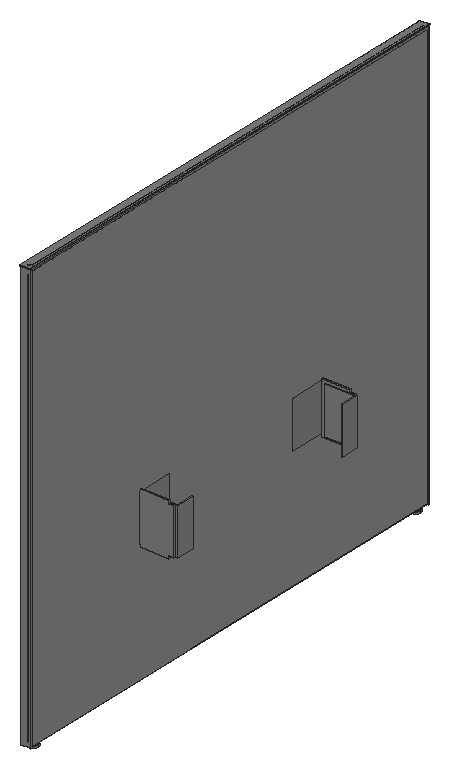
Revit family "Casual_Space_Division-Teknion-HNBTEF_Navigate_End_of_Run_Screen_Fabric-R2016", category Furniture, Revit 2016
Family settings
  OmniClass Number = 23.40.20.00
  OmniClass Title = General Furniture and Specialties
  Work Plane-Based = No
  Always vertical = Yes
  Cut with Voids When Loaded = No
  Shared = Yes
  Room Calculation Point = No
Parameters (values of type "42" Height")
  Width [instance] = 48.000"
  Warranty = "http://www.teknion.com/ca/papers/legal-canada"
  Unit Weight URL = "http://www.teknion.com/ca/tools/assets#&asset=bee6a381-b954-425e-8283-5a2de3a804f2,f828d448-4b62-4231-9e5f-9a8991c0ed77"
  URL = "www.teknion.com"
  Trim Finish [instance] = Seamless Paint - Teknion - 24 - Greystone
  To render please download texture images found here [instance] = "https://assets.teknion.com/web/5e81352c1dfdb467/revit-material-swatches/"
  Sustainability Data = "https://www.teknion.com/ca/tools/assets#&topic=216f99a5-57a0-44fc-b10a-9dee9b29ae4c&asset=444deb64-fe58-4b68-981e-f75e97781df7,b4ff2d81-9f2e-437d-9659-7cffb09c31cf"
  Series = "Height-Adjustable Bench"  # constant formula
  Screen Finish [instance] = Fabric - Teknion - Heather Tech - R246 - Crag Tech
  Product Page URL = "https://www.teknion.com/products/product-details?productLineId=8551336e-8e7a-673b-a6c8-ff00004460c4"
  Product Line = "Height-Adjustable Bench"  # constant formula
  Product Documentation Link = "https://www.teknion.com/pricing/hab/pdfs/HNBTEF_ppg.pdf"
  Part Number = "HNBTEF"  # constant formula
  Model = "HNBTEF42__"
  Manufacturer Phone = "416-661-3370"  # constant formula
  Manufacturer Fax = "416.661.4586"  # constant formula
  Manufacturer Contact Information = "http://www.teknion.com/ca/contactus"
  Manufacturer Address = "1150 Flint Road, Toronto, ON. M3J 2J5. Canada"  # constant formula
  Manufacturer = "Teknion"  # constant formula
  How To Use Teknion Materials User Guide [instance] = "https://assets.teknion.com/m/205dd0a49fa58060/original/How-to-add-a-Material-Library-and-Texture-Images-to-your-Revit-project.pdf"
  For Additional Finishes please visit [instance] = "https://assets.teknion.com/m/44a8009b046e5d47/original/Teknion_Materials_Library.zip"
  Description = "Navigate End of Run Screen – Fabric, 42\" Height"
  Bracket Spacing from Edge of Screen [instance] = if(Width = 48.000", 13.074", if(Width = 60.000", 16.074", 19.074"))  # 13.074"
  Available Widths [instance] = "48, 60, 72 inches."  # constant formula
  Assembly Code = "E2020200"
  Actual Width [instance] = Width + 0.020"  # 48.020"
  Actual Height = 41.69241"
Types (3): name | Model | Description | Actual Height
  (no name) | "HNBTEF42__" | "Navigate End of Run Screen – Fabric, 42\" Height" | 41.69241"
  51" Height | "HNBTEF51__" | "Navigate End of Run Screen – Fabric, 51\" Height" | 50.692"
  42" Height | "HNBTEF42__" | "Navigate End of Run Screen – Fabric, 42\" Height" | 41.69241"
Reference planes (in)
  plane 1 "Center Front/Back": x = -5.02399
  plane 2: z = 0
  plane 3 "Center Left/Right": y = -2.1198
  plane 4 "Left": y = -26.1298
  plane 5 "Right": y = 21.8902
  plane 6 "Back": x = -5.52399
  plane 7 "Front": x = -4.52399
  plane 8 "Top": z = 41.69241
  plane 9: x = -5.21149
  plane 10: x = -4.83649
  plane 11: z = 41.45221
  plane 12: x = -4.56399
  plane 13 "Bracket Plane 1": y = 8.8162
  plane 14: y = -13.0558
  plane 15: x = -4.41899
  plane 16: x = -0.90649
Forms (in)
  Sweep 1, solid, material "Seamless Paint - Teknion - 24 - Greystone" <- "Trim Finish"
    path origin (-4.44999, -2.1198, 0) x (0, 1, 0) y (-1, 0, 0)
      loop
        line (-23.84081, 0.3865) -> (-23.84081, 0.7615)
    profile origin (-5.02399, -25.96061, 0) x (0, -1, 0) y (0, 0, 1)
      loop
        line (-0.2601, 1.16621) -> (0.0311, 0.875)
        arc (0.0311, 0.875) -> (0.05577, 0.83742) -> (0.0649, 0.79341) r 0.12021
        line (0.0649, 0.79341) -> (0.0649, 41.15295)
        arc (0.0649, 41.15295) -> (0.05576, 41.10406) -> (0.02829, 41.06259) r 0.12505
        line (0.02829, 41.06259) -> (-0.2601, 40.77421) -> (-0.2601, 1.16621)
      loop
        line (-47.42151, 1.16621) -> (-47.42151, 40.77421) -> (-47.7099, 41.06259)
        arc (-47.7099, 41.06259) -> (-47.73737, 41.10406) -> (-47.74651, 41.15295) r 0.12505
        line (-47.74651, 41.15295) -> (-47.74651, 0.79341)
        arc (-47.74651, 0.79341) -> (-47.73738, 0.83742) -> (-47.71271, 0.875) r 0.12021
        line (-47.71271, 0.875) -> (-47.42151, 1.16621)
  Sweep 2, solid, material "Seamless Paint - Teknion - 24 - Greystone" <- "Trim Finish"
    path origin (-4.44999, -2.1198, 0) x (0, 1, 0) y (-1, 0, 0)
      loop
        line (-24.01, 0.574) -> (24.01, 0.574)
    profile origin (-5.02399, -2.1198, 0) x (-1, 0, 0) y (0, 0, 1)
      loop
        line (0.5, 41.61241) -> (0.5, 41.66241)
        arc (0.5, 41.66241) -> (0.49121, 41.68363) -> (0.47, 41.69241) r 0.03
        line (0.47, 41.69241) -> (-0.47, 41.69241)
        arc (-0.47, 41.69241) -> (-0.49121, 41.68363) -> (-0.5, 41.66241) r 0.03
        line (-0.5, 41.66241) -> (-0.5, 41.61241) -> (0.5, 41.61241)
  Sweep 3, solid, material "Seamless Paint - Teknion - 24 - Greystone" <- "Trim Finish"
    path origin (-4.44999, -2.1198, 0) x (0, 1, 0) y (-1, 0, 0)
      loop
        line (0, 0.3865) -> (0, 0.7615)
    profile origin (-5.02399, -2.1198, 0) x (0, -1, 0) y (0, 0, 1)
      loop
        line (23.18762, 41.29003) -> (23.47339, 41.5758)
        arc (23.47339, 41.5758) -> (23.51296, 41.60249) -> (23.55964, 41.61241) r 0.12507
        line (23.55964, 41.61241) -> (-23.56178, 41.61241)
        arc (-23.56178, 41.61241) -> (-23.51394, 41.6029) -> (-23.47339, 41.5758) r 0.125
        line (-23.47339, 41.5758) -> (-23.18762, 41.29003) -> (23.18762, 41.29003)
  Sweep 4, solid, material "Seamless Paint - Teknion - 24 - Greystone" <- "Trim Finish"
    path origin (-5.02399, 0, 0) x (0, 1, 0) y (0, 0, 1)
      loop
        line (21.8359, 0.34121) -> (21.8359, 41.59921)
    profile origin (-5.02399, 21.8359, 20.97021) x (0, -1, 0) y (1, 0, 0)
      loop
        line (0.07, 0.5) -> (0.02, 0.5)
        arc (0.02, 0.5) -> (-0.00121, 0.49121) -> (-0.01, 0.47) r 0.03
        line (-0.01, 0.47) -> (-0.01, -0.47)
        arc (-0.01, -0.47) -> (-0.00121, -0.49121) -> (0.02, -0.5) r 0.03
        line (0.02, -0.5) -> (0.07, -0.5) -> (0.07, 0.5)
      loop
        line (47.84141, 0.5) -> (47.84141, -0.5) -> (47.89141, -0.5)
        arc (47.89141, -0.5) -> (47.91263, -0.49121) -> (47.92141, -0.47) r 0.03
        line (47.92141, -0.47) -> (47.92141, 0.47)
        arc (47.92141, 0.47) -> (47.91263, 0.49121) -> (47.89141, 0.5) r 0.03
        line (47.89141, 0.5) -> (47.84141, 0.5)
  Sweep 5, solid, material "Seamless Paint - Teknion - 24 - Greystone" <- "Trim Finish"
    path origin (0, 0, 0) x (1, 0, 0) y (0, 1, 0)
      loop
        line (-4.52399, -2.1198) -> (-5.52399, -2.1198)
    profile origin (-5.02399, -2.1198, 0) x (0, -1, 0) y (0, 0, 1)
      loop
        line (-23.83571, 0.398) -> (23.83571, 0.398) -> (23.83571, 41.54241) -> (-23.83571, 41.54241) -> (-23.83571, 0.398)
      loop
        line (23.7425, 41.44921) -> (-23.7425, 41.44921) -> (-23.7425, 0.49121) -> (23.7425, 0.49121) -> (23.7425, 41.44921)
  Sweep 6, solid, material "Fabric - Teknion - Heather Tech - R246 - Crag Tech" <- "Screen Finish"
    path origin (0, 0, 0) x (1, 0, 0) y (0, 1, 0)
      loop
        line (-4.52399, 6.11469) -> (-4.59899, 6.11469)
    profile origin (-4.56149, 6.11469, 0) x (0, -1, 0) y (0, 0, 1)
      loop
        line (-15.50801, 41.44921) -> (-15.50801, 0.49121) -> (31.97699, 0.49121) -> (31.97699, 41.44921) -> (-15.50801, 41.44921)
  Sweep 7, solid, material "Fabric - Teknion - Heather Tech - R246 - Crag Tech" <- "Screen Finish"
    path origin (-10.04798, 0, 0) x (-1, 0, 0) y (0, 1, 0)
      loop
        line (-4.52399, 6.11469) -> (-4.59899, 6.11469)
    profile origin (-5.48649, 6.11469, 0) x (0, 1, 0) y (0, 0, 1)
      loop
        line (15.50801, 41.45221) -> (-31.97699, 41.45221) -> (-31.97699, 0.49121) -> (15.50801, 0.49121) -> (15.50801, 41.45221)
  Sweep 8, solid, material "Seamless Paint - Teknion - 24 - Greystone" <- "Trim Finish"
    path origin (0, -2.1198, 0) x (-1, 0, 0) y (0, 0, 1)
      loop
        line (5.02399, 0) -> (5.02399, 0.125)
    profile origin (-5.02399, -2.1198, 0.0625) x (1, 0, 0) y (0, 1, 0)
      loop
        circle (0, 23.0062) r 0.43901
      loop
        circle (0, -23.0062) r 0.43901
  Sweep 9, solid, material "Seamless Paint - Teknion - 24 - Greystone" <- "Trim Finish"
    path origin (0, -2.1198, 0) x (-1, 0, 0) y (0, 0, 1)
      loop
        line (5.02399, 0.125) -> (5.02399, 0.275)
    profile origin (-5.02399, -2.1198, 0.2) x (1, 0, 0) y (0, 1, 0)
      loop
        circle (0, 23.0062) r 0.25
      loop
        circle (0, -23.0062) r 0.25
  Sweep 10, solid, material "Seamless Paint - Teknion - 24 - Greystone" <- "Trim Finish"
    path origin (0, -2.1198, 0) x (-1, 0, 0) y (0, 0, 1)
      loop
        line (5.02399, 0.49121) -> (5.02399, 0.275)
    profile origin (-5.02399, -2.1198, 0.3831) x (0, 1, 0) y (-1, 0, 0)
      loop
        circle (-23.0062, 0) r 0.19
      loop
        circle (23.0062, 0) r 0.19
  Sweep 11, solid, material "Seamless Paint - Teknion - 24 - Greystone" <- "Trim Finish"
    path origin (-5.02399, 0, -0.043) x (0, 1, 0) y (0, 0, 1)
      loop
        line (8.7437, 17.045) -> (8.7437, 12.045)
    profile origin (-5.02399, 8.7437, 14.502) x (1, 0, 0) y (0, 1, 0)
      loop
        line (0.605, -3.4275) -> (0.605, -0.0325) -> (3.875, -0.0325) -> (3.875, 0.0725) -> (0.5, 0.0725) -> (0.5, -3.4275) -> (0.605, -3.4275)
      loop
        line (0.605, -18.2995) -> (0.5, -18.2995) -> (0.5, -21.7995) -> (3.875, -21.7995) -> (3.875, -21.6945) -> (0.605, -21.6945) -> (0.605, -18.2995)
  Sweep 12, void
    path origin (0, 0, 0) x (1, 0, 0) y (0, 1, 0)
      loop
        line (-5.02399, -13.0558) -> (-5.02399, 8.8162)
    profile origin (-5.02399, -2.1198, 0) x (-1, 0, 0) y (0, 0, 1)
      loop
        line (-0.636, 16.752) -> (-0.5, 16.752) -> (-0.5, 17.002) -> (-0.636, 17.002) -> (-0.636, 16.752)
      loop
        line (-3.94399, 16.752) -> (-3.375, 16.752) -> (-3.375, 17.002) -> (-3.94399, 17.002) -> (-3.94399, 16.752)
      loop
        line (-0.636, 12.002) -> (-0.5, 12.002) -> (-0.5, 12.252) -> (-0.636, 12.252) -> (-0.636, 12.002)
      loop
        line (-3.94399, 12.002) -> (-3.375, 12.002) -> (-3.375, 12.252) -> (-3.94399, 12.252) -> (-3.94399, 12.002)
  Sweep 13, solid, material "Seamless Paint - Teknion - 24 - Greystone" <- "Trim Finish"
    path origin (0, -2.1198, -0.043) x (-1, 0, 0) y (0, 0, 1)
      loop
        line (5.02399, 16.795) -> (5.02399, 12.295)
    profile origin (-5.02399, -2.1198, 14.502) x (0, 1, 0) y (-1, 0, 0)
      loop
        line (10.771, -1.1175) -> (10.666, -1.1175) -> (10.666, -4.0125) -> (9.021, -4.0125) -> (9.021, -4.1175) -> (10.771, -4.1175) -> (10.771, -1.1175)
      loop
        line (-10.771, -1.1175) -> (-10.771, -4.1175) -> (-9.021, -4.1175) -> (-9.021, -4.0125) -> (-10.666, -4.0125) -> (-10.666, -1.1175) -> (-10.771, -1.1175)
Cuts and joins
  Sweep 12 cuts Sweep 11
Lines and regions (in)
  Masking region 1
    outline origin (0, 0, 0) x (1, 0, 0) y (0, 1, 0)
      loop
        line (-5.52399, 21.8902) -> (-5.52399, -26.1298) -> (-4.52399, -26.1298) -> (-4.52399, 21.8902) -> (-5.52399, 21.8902)
  symbolic lines, style "FurnitureHiddenLines", detail levels medium+fine
    curve 1: line (-4.41899, 5.3162, 0) -> (-4.41899, 8.7112, 0)
    curve 2: line (-4.41899, 8.7112, 0) -> (-1.14899, 8.7112, 0)
    curve 3: line (-1.14899, 8.8162, 0) -> (-4.52399, 8.8162, 0)
    curve 4: line (-4.52399, 5.3162, 0) -> (-4.41899, 5.3162, 0)
    curve 5: line (-4.52399, 5.3162, 0) -> (-4.52399, 8.8162, 0)
    curve 6: line (-1.14899, 8.7112, 0) -> (-1.14899, 8.8162, 0)
    curve 7: line (-3.90649, 8.5462, 0) -> (-1.01149, 8.5462, 0)
    curve 8: line (-1.01149, 8.5462, 0) -> (-1.01149, 6.9012, 0)
    curve 9: line (-1.01149, 6.9012, 0) -> (-0.90649, 6.9012, 0)
    curve 10: line (-0.90649, 6.9012, 0) -> (-0.90649, 8.6512, 0)
    curve 11: line (-0.90649, 8.6512, 0) -> (-3.90649, 8.6512, 0)
    curve 12: line (-3.90649, 8.6512, 0) -> (-3.90649, 8.5462, 0)
    curve 13: line (-1.14899, -12.9508, 0) -> (-4.41899, -12.9508, 0)
    curve 14: line (-1.14899, -13.0558, 0) -> (-1.14899, -12.9508, 0)
    curve 15: line (-4.52399, -13.0558, 0) -> (-1.14899, -13.0558, 0)
    curve 16: line (-4.41899, -12.9508, 0) -> (-4.41899, -9.5558, 0)
    curve 17: line (-4.41899, -9.5558, 0) -> (-4.52399, -9.5558, 0)
    curve 18: line (-4.52399, -9.5558, 0) -> (-4.52399, -13.0558, 0)
    curve 19: line (-3.90649, -12.8908, 0) -> (-0.90649, -12.8908, 0)
    curve 20: line (-0.90649, -12.8908, 0) -> (-0.90649, -11.1408, 0)
    curve 21: line (-0.90649, -11.1408, 0) -> (-1.01149, -11.1408, 0)
    curve 22: line (-1.01149, -11.1408, 0) -> (-1.01149, -12.7858, 0)
    curve 23: line (-1.01149, -12.7858, 0) -> (-3.90649, -12.7858, 0)
    curve 24: line (-3.90649, -12.7858, 0) -> (-3.90649, -12.8908, 0)
    curve 43: line (-5.52399, 21.6227, 0) -> (-4.52399, 21.6227, 0)
    curve 44: line (-4.52399, -25.8623, 0) -> (-5.52399, -25.8623, 0)
    curve 52: line (-5.44899, -25.8623, 0) -> (-5.44899, 21.6227, 0)
    curve 53: line (-4.59899, 21.6227, 0) -> (-4.59899, -25.8623, 0)
  symbolic lines, style "FurnitureHiddenLines", detail levels fine
    curve 25: arc (-5.463, 20.88639, 0) -> (-5.02399, 21.3254, 0) -> (-4.58498, 20.88639, 0) r 0.43901
    curve 26: arc (-4.58498, 20.88639, 0) -> (-5.02399, 20.44738, 0) -> (-5.463, 20.88639, 0) r 0.43901
    curve 27: arc (-5.27399, 20.88639, 0) -> (-5.02399, 21.13639, 0) -> (-4.77399, 20.88639, 0) r 0.25
    curve 28: arc (-4.77399, 20.88639, 0) -> (-5.02399, 20.63639, 0) -> (-5.27399, 20.88639, 0) r 0.25
    curve 29: arc (-5.02399, 21.07639, 0) -> (-5.21399, 20.88639, 0) -> (-5.02399, 20.69639, 0) r 0.19
    curve 30: arc (-5.02399, 20.69639, 0) -> (-4.83399, 20.88639, 0) -> (-5.02399, 21.07639, 0) r 0.19
    curve 31: line (-4.83649, -25.67944, 0) -> (-4.83649, 21.44197, 0)
    curve 32: line (-4.83649, 21.44197, 0) -> (-5.21149, 21.44197, 0)
    curve 33: line (-5.21149, 21.44197, 0) -> (-5.21149, -25.67944, 0)
    curve 34: line (-5.21149, -25.67944, 0) -> (-4.83649, -25.67944, 0)
    curve 35: line (-4.83649, -25.70051, 0) -> (-5.21149, -25.70051, 0)
    curve 36: line (-5.21149, -26.02551, 0) -> (-4.83649, -26.02551, 0)
    curve 37: line (-5.21149, -26.02551, 0) -> (-5.21149, -25.70051, 0)
    curve 38: line (-4.83649, -25.70051, 0) -> (-4.83649, -26.02551, 0)
    curve 39: line (-5.21149, 21.4609, 0) -> (-4.83649, 21.4609, 0)
    curve 40: line (-4.83649, 21.7859, 0) -> (-5.21149, 21.7859, 0)
    curve 41: line (-4.83649, 21.4609, 0) -> (-4.83649, 21.7859, 0)
    curve 42: line (-5.21149, 21.4609, 0) -> (-5.21149, 21.7859, 0)
    curve 45: line (-4.59899, 21.6227, 0) -> (-4.59899, -25.8623, 0)
    curve 46: line (-5.44899, -25.8623, 0) -> (-5.44899, 21.6227, 0)
    curve 47: line (-4.52399, 21.7159, 0) -> (-5.52399, 21.7159, 0)
    curve 48: line (-5.52399, 21.7659, 0) -> (-4.52399, 21.7659, 0)
    curve 49: line (-4.55399, 21.8459, 0) -> (-5.49399, 21.8459, 0)
    curve 50: arc (-4.55399, 21.8459, 0) -> (-4.53278, 21.83712, 0) -> (-4.52399, 21.8159, 0) r 0.03
    curve 51: arc (-5.52399, 21.8159, 0) -> (-5.5152, 21.83712, 0) -> (-5.49399, 21.8459, 0) r 0.03
    curve 54: line (-5.52399, -25.95551, 0) -> (-4.52399, -25.95551, 0)
    curve 55: line (-4.52399, -26.00551, 0) -> (-5.52399, -26.00551, 0)
    curve 56: line (-5.49399, -26.08551, 0) -> (-4.55399, -26.08551, 0)
    curve 57: arc (-4.52399, -26.05551, 0) -> (-4.53278, -26.07672, 0) -> (-4.55399, -26.08551, 0) r 0.03
    curve 58: arc (-5.49399, -26.08551, 0) -> (-5.5152, -26.07672, 0) -> (-5.52399, -26.05551, 0) r 0.03
    curve 59: arc (-5.463, -25.126, 0) -> (-5.02399, -24.68699, 0) -> (-4.58498, -25.126, 0) r 0.43901
    curve 60: arc (-4.58498, -25.126, 0) -> (-5.02399, -25.56501, 0) -> (-5.463, -25.126, 0) r 0.43901
    curve 61: arc (-5.27399, -25.126, 0) -> (-5.02399, -24.876, 0) -> (-4.77399, -25.126, 0) r 0.25
    curve 62: arc (-4.77399, -25.126, 0) -> (-5.02399, -25.376, 0) -> (-5.27399, -25.126, 0) r 0.25
    curve 63: arc (-5.02399, -24.936, 0) -> (-5.21399, -25.126, 0) -> (-5.02399, -25.316, 0) r 0.19
    curve 64: arc (-5.02399, -25.316, 0) -> (-4.83399, -25.126, 0) -> (-5.02399, -24.936, 0) r 0.19
    curve 65: line (-5.21149, -25.30743, 0) -> (-4.83649, -25.30743, 0)
    curve 66: line (-5.21149, -25.99171, 0) -> (-4.83649, -25.99171, 0)
    curve 67: line (-5.21149, 21.7521, 0) -> (-4.83649, 21.7521, 0)
    curve 68: line (-5.21149, 21.06782, 0) -> (-4.83649, 21.06782, 0)
  reference lines, not visible
    curve 69: line (-5.59799, 21.8902, 0) -> (-4.44999, 21.8902, 0)
    curve 70: line (-5.59799, -26.1298, 0) -> (-4.44999, -26.1298, 0)
Dimensions and locks (in)
  "Actual Width": plane 4 "Left" to plane 5 "Right"
  equal spacing: plane 6 "Back", plane 1 "Center Front/Back", plane 7 "Front", locked at 0.5 each
  "Actual Height": plane 8 "Top" to level
  equal spacing: plane 4 "Left", plane 3 "Center Left/Right", plane 5 "Right"
  Sweep 2 sketch curve to Sweep 2 sketch curve to plane 7 "Front" = 0.030" locked, 0.000" locked
  plane 6 "Back" to Sweep 2 sketch curve to Sweep 2 sketch curve = 0.000" locked, 0.030" locked
  Sweep 3 sketch curve to Sweep 3 sketch curve to plane 4 "Left" = 0.3742" locked, 0.44818" locked
  plane 8 "Top" to Sweep 3 sketch curve to Sweep 3 sketch curve to Sweep 3 sketch curve = 0.080" locked, 0.12505" locked, 0.19733" locked
  locked: plane 8 "Top" to Sweep 3 sketch curve at 0.205
  Sweep 3 sketch curve to Sweep 3 sketch curve to plane 5 "Right" = 0.37415" locked, 0.44822" locked
  plane 10 to plane 1 "Center Front/Back" to plane 9 = 0.1875" locked, 0.1875" locked
  locked: plane 8 "Top" to plane 11 at 0.24021
  locked: plane 7 "Front" to plane 12 at 0.04
  Sweep 1 sketch curve to Sweep 1 sketch curve to Sweep 1 sketch curve to Sweep 1 sketch curve to Sweep 1 sketch curve to Sweep 1 sketch curve to plane 4 "Left" = 0.19996" locked, 0.00484" locked, 0.08359" locked, 0.00281" locked, 0.0338" locked, 0.10429" locked
  plane 8 "Top" to Sweep 1 sketch curve to Sweep 1 sketch curve to Sweep 1 sketch curve = 0.54139" locked, 0.08842" locked, 0.28839" locked  (x2)
  Sweep 1 sketch curve to Sweep 1 sketch curve to Sweep 1 sketch curve to plane 2 = 0.2912" locked, 0.08359" locked, 0.79142" locked
  Sweep 1 sketch curve to Sweep 1 sketch curve to Sweep 1 sketch curve to Sweep 1 sketch curve to Sweep 1 sketch curve to Sweep 1 sketch curve to plane 5 "Right" = 0.19996" locked, 0.00484" locked, 0.08359" locked, 0.00281" locked, 0.0338" locked, 0.10429" locked
  Sweep 1 sketch curve to Sweep 1 sketch curve to Sweep 1 sketch curve to level = 0.2912" locked, 0.08359" locked, 0.79142" locked
  locked: plane 8 "Top" to Sweep 4 sketch curve at 0.09321
  locked: Sweep 4 sketch curve to plane 2 at 0.34121
  locked: plane 6 "Back" to Sweep 4 sketch curve at 0.03  (x2)
  locked: Sweep 4 sketch curve to plane 7 "Front" at 0.03  (x2)
  Sweep 4 sketch curve to Sweep 4 sketch curve to Sweep 4 sketch curve to Sweep 4 sketch curve = 0.050" locked, 0.000" locked, 0.030" locked
  Sweep 4 sketch curve to Sweep 4 sketch curve to Sweep 4 sketch curve to Sweep 4 sketch curve to plane 4 "Left" = 0.050" locked, 0.000" locked, 0.030" locked, 0.04429" locked
  plane 8 "Top" to Sweep 5 sketch curve to Sweep 5 sketch curve = 0.150" locked, 0.09321" locked
  plane 5 "Right" to Sweep 5 sketch curve to Sweep 5 sketch curve = 0.17429" locked, 0.09321" locked
  Sweep 5 sketch curve to Sweep 5 sketch curve to plane 4 "Left" = 0.09321" locked, 0.17429" locked
  Sweep 5 sketch curve to Sweep 5 sketch curve to plane 2 = 0.09321" locked, 0.398" locked
  locked: plane 6 "Back" to Sweep 7 sketch curve at 0.075
  locked: plane 5 "Right" to Sweep 7 sketch curve at 0.2675
  locked: Sweep 7 sketch curve to plane 4 "Left" at 0.2675
  locked: Sweep 7 sketch curve to plane 2 at 0.49121
  locked: Sweep 8 sketch curve to plane 2 at 0.125
  locked: Sweep 8 sketch curve to plane 1 "Center Front/Back" at 0
  locked: plane 1 "Center Front/Back" to Sweep 8 sketch curve at 0
  Sweep 9 sketch curve to Sweep 9 sketch curve to plane 2 = 0.150" locked, 0.125" locked
  locked: plane 1 "Center Front/Back" to Sweep 9 sketch curve at 0
  locked: plane 1 "Center Front/Back" to Sweep 9 sketch curve
  Sweep 10 sketch curve to Sweep 10 sketch curve = 0.21621"
  locked: plane 1 "Center Front/Back" to Sweep 10 sketch curve at 0  (x2)
  Sweep 11 sketch curve to Sweep 11 sketch curve to plane 2 = 5.000" locked, 12.002" locked
  locked: plane 5 "Right" to Sweep 11 sketch curve at 13.1465
  plane 7 "Front" to Sweep 11 sketch curve to Sweep 11 sketch curve = 0.105" locked, 3.270" locked  (x2)
  plane 13 "Bracket Plane 1" to Sweep 11 sketch curve to Sweep 11 sketch curve = 0.105" locked, 3.395" locked
  "Bracket Spacing from Edge of Screen": plane 13 "Bracket Plane 1" to plane 5 "Right"
  plane 14 to Sweep 11 sketch curve to Sweep 11 sketch curve = 0.105" locked, 3.395" locked
  Sweep 12 sketch curve to Sweep 12 sketch curve to Sweep 12 sketch curve to Sweep 12 sketch curve to Sweep 12 sketch curve to Sweep 12 sketch curve to plane 7 "Front" = 0.000" locked, 0.56899" locked, 0.000" locked, 2.739" locked, 0.000" locked, 0.136" locked
  plane 2 to Sweep 12 sketch curve to Sweep 12 sketch curve to Sweep 12 sketch curve to Sweep 12 sketch curve to Sweep 12 sketch curve to Sweep 12 sketch curve to Sweep 12 sketch curve to Sweep 12 sketch curve = 12.002" locked, 0.000" locked, 0.250" locked, 0.000" locked, 4.500" locked, 0.000" locked, 0.250" locked, 0.000" locked
  Sweep 13 sketch curve to Sweep 13 sketch curve to plane 2 = 4.500" locked, 12.252" locked
  Sweep 13 sketch curve to Sweep 13 sketch curve to Sweep 13 sketch curve to plane 13 "Bracket Plane 1" = 1.645" locked, 0.105" locked, 0.165" locked
  plane 1 "Center Front/Back" to Sweep 13 sketch curve to Sweep 13 sketch curve to Sweep 13 sketch curve = 1.1175" locked, 2.895" locked, 0.105" locked  (x2)
  Sweep 13 sketch curve to Sweep 13 sketch curve to Sweep 13 sketch curve to plane 14 = 1.645" locked, 0.105" locked, 0.165" locked
  "Bracket Spacing from Edge of Screen": plane 14 to plane 4 "Left"
  plane 7 "Front" to plane 15 to plane 16 = 0.105" locked, 3.5125" locked
  Sweep 1 sketch curve to plane 1 "Center Front/Back" to Sweep 1 sketch curve = 0.1875" locked, 0.1875" locked
  locked: Sweep 6 sketch curve to plane 7 "Front" at 0.075
  locked: Sweep 8 sketch curve to plane 5 "Right" at 1.0038
  locked: Sweep 8 sketch curve to plane 4 "Left" at 1.0038
  locked: Sweep 9 sketch curve to plane 5 "Right" at 1.0038
  locked: Sweep 9 sketch curve to plane 4 "Left" at 1.0038
  locked: Sweep 10 sketch curve to plane 4 "Left" at 1.0038
  locked: Sweep 10 sketch curve to plane 5 "Right" at 1.0038
  plane 8 "Top" to Sweep 2 sketch curve to Sweep 2 sketch curve to Sweep 2 sketch curve = 0.030" locked, 0.000" locked, 0.050" locked
  aligned and locked: level to plane 2
  aligned and locked: Sweep 2 sketch curve to plane 1 "Center Front/Back"
  aligned and locked: plane 4 "Left" to Sweep 2 sketch curve
  aligned and locked: plane 5 "Right" to Sweep 2 sketch curve
  aligned and locked: plane 3 "Center Left/Right" to Sweep 3 sketch curve
  aligned and locked: Sweep 3 sketch curve to plane 1 "Center Front/Back"
  aligned and locked: Sweep 4 sketch curve to plane 7 "Front"  (x2)
  aligned and locked: plane 6 "Back" to Sweep 5 sketch curve
  aligned and locked: plane 7 "Front" to Sweep 5 sketch curve
  aligned and locked: Sweep 6 sketch curve to Sweep 5  (x2)
  aligned and locked: Sweep 5 to Sweep 6 sketch curve  (x2)
  aligned and locked: plane 6 "Back" to Sweep 7 sketch curve
  aligned and locked: Sweep 7 sketch curve to plane 11
  aligned and locked: plane 2 to Sweep 8 sketch curve
  aligned and locked: plane 1 "Center Front/Back" to Sweep 9 sketch curve
  aligned and locked: Sweep 5 to Sweep 10 sketch curve
  aligned and locked: Sweep 11 sketch curve to plane 7 "Front"
  aligned and locked: Sweep 11 sketch curve to plane 13 "Bracket Plane 1"
  aligned and locked: plane 14 to Sweep 11 sketch curve
  aligned and locked: plane 7 "Front" to Sweep 11 sketch curve
  aligned and locked: plane 13 "Bracket Plane 1" to Sweep 12 sketch curve
  aligned and locked: plane 14 to Sweep 12 sketch curve
  aligned and locked: plane 1 "Center Front/Back" to Sweep 12 sketch curve
  aligned and locked: plane 7 "Front" to Sweep 12 sketch curve  (x2)
  aligned and locked: Sweep 13 sketch curve to plane 1 "Center Front/Back"
  aligned and locked: Masking region 1 sketch curve to Sweep 2  (x2)
  aligned and locked: Masking region 1 sketch curve to plane 6 "Back"
  aligned and locked: plane 5 "Right" to Masking region 1 sketch curve
  aligned and locked: curve 1 to cut or joined group of Sweep 11, Sweep 12
  aligned and locked: curve 2 to cut or joined group of Sweep 11, Sweep 12
  aligned and locked: curve 3 to cut or joined group of Sweep 11, Sweep 12
  aligned and locked: curve 4 to cut or joined group of Sweep 11, Sweep 12
  aligned and locked: Sweep 2 to curve 5
  aligned and locked: curve 6 to cut or joined group of Sweep 11, Sweep 12
  aligned and locked: curve 7 to Sweep 13
  aligned and locked: curve 8 to Sweep 13
  aligned and locked: curve 9 to Sweep 13
  aligned and locked: curve 10 to Sweep 13
  aligned and locked: curve 11 to Sweep 13
  aligned and locked: curve 12 to Sweep 13
  aligned and locked: curve 13 to cut or joined group of Sweep 11, Sweep 12
  aligned and locked: curve 14 to cut or joined group of Sweep 11, Sweep 12
  aligned and locked: curve 15 to cut or joined group of Sweep 11, Sweep 12
  aligned and locked: curve 16 to cut or joined group of Sweep 11, Sweep 12
  aligned and locked: Sweep 5 to curve 18
  aligned and locked: curve 17 to cut or joined group of Sweep 11, Sweep 12
  aligned and locked: curve 19 to Sweep 13
  aligned and locked: curve 20 to Sweep 13
  aligned and locked: curve 21 to Sweep 13
  aligned and locked: curve 22 to Sweep 13
  aligned and locked: curve 23 to Sweep 13
  aligned and locked: curve 24 to Sweep 13
  aligned and locked: curve 25 to Sweep 8
  aligned and locked: curve 26 to Sweep 8
  aligned and locked: curve 27 to Sweep 9
  aligned and locked: curve 28 to Sweep 9
  aligned and locked: curve 29 to Sweep 10
  aligned and locked: curve 30 to Sweep 10
  aligned and locked: curve 31 to Sweep 3
  aligned and locked: curve 32 to Sweep 3
  aligned and locked: curve 33 to Sweep 3
  aligned and locked: curve 34 to Sweep 3
  aligned and locked: curve 35 to Sweep 1
  aligned and locked: curve 37 to Sweep 1
  aligned and locked: Sweep 1 to curve 38
  aligned and locked: curve 39 to Sweep 1
  aligned and locked: curve 40 to Sweep 1
  aligned and locked: curve 41 to Sweep 1
  aligned and locked: curve 42 to Sweep 1
  aligned and locked: curve 43 to Sweep 5
  aligned and locked: curve 44 to Sweep 5
  aligned and locked: curve 45 to Sweep 6
  aligned and locked: curve 46 to Sweep 7
  aligned and locked: curve 47 to Sweep 5
  aligned and locked: curve 48 to Sweep 4
  aligned and locked: curve 50 to Sweep 4
  aligned and locked: curve 51 to Sweep 4
  aligned and locked: curve 52 to Sweep 7
  aligned and locked: curve 53 to Sweep 6
  aligned and locked: curve 54 to Sweep 5
  aligned and locked: curve 55 to Sweep 4
  aligned and locked: curve 57 to Sweep 4
  aligned and locked: curve 58 to Sweep 4
  aligned and locked: curve 59 to Sweep 8
  aligned and locked: curve 60 to Sweep 8
  aligned and locked: curve 61 to Sweep 9
  aligned and locked: curve 62 to Sweep 9
  aligned and locked: curve 63 to Sweep 10
  aligned and locked: curve 64 to Sweep 10
  aligned and locked: curve 65 to Sweep 3
  aligned and locked: curve 66 to Sweep 1
  aligned and locked: curve 67 to Sweep 1
  aligned and locked: curve 68 to Sweep 3
  aligned and locked: curve 69 to plane 5 "Right"
  aligned and locked: curve 70 to plane 4 "Left"
  aligned and locked: plane 7 "Front" to Sweep 6 sketch curve
Automatic sketch dimensions
  Sweep 3 sketch curve to Sweep 3 sketch curve = 0.08839"
  Sweep 3 sketch curve to Sweep 3 sketch curve = 0.08843"
  Sweep 3 sketch curve to Sweep 3 sketch curve = 0.08625"
  Sweep 3 sketch curve to Sweep 3 sketch curve = 0.03661"
  Sweep 3 sketch curve to Sweep 3 sketch curve = 0.000"
  plane 4 "Left" to Sweep 1 sketch curve = 0.16919"
  Sweep 3 sketch curve to plane 10 = 0.000"
  Sweep 3 sketch curve to plane 9 = 0.000"
  plane 5 "Right" to Sweep 4 sketch curve = 0.05429"
  Sweep 5 sketch curve to plane 3 "Center Left/Right" = 0.000"
  plane 3 "Center Left/Right" to Sweep 6 sketch curve = 8.23449"
  Sweep 7 sketch curve to plane 3 "Center Left/Right" = 8.23449"
  Sweep 8 sketch curve to plane 1 "Center Front/Back" = 0.000"
  Sweep 10 sketch curve to plane 1 "Center Front/Back" = 0.000"
  curve 43 to plane 6 "Back" = 0.000"
  curve 43 to plane 7 "Front" = 0.000"
  curve 44 to plane 6 "Back" = 0.000"
  curve 44 to plane 7 "Front" = 0.000"
  curve 47 to plane 6 "Back" = 0.000"
  curve 47 to plane 7 "Front" = 0.000"
  curve 48 to plane 6 "Back" = 0.000"
  curve 48 to plane 7 "Front" = 0.000"
  curve 54 to plane 6 "Back" = 0.000"
  curve 54 to plane 7 "Front" = 0.000"
  curve 55 to plane 6 "Back" = 0.000"
  curve 55 to plane 7 "Front" = 0.000"
  curve 36 to curve 66 = 0.0338"
  plane 6 "Back" to curve 69 = 0.074"
  plane 7 "Front" to curve 69 = 0.074"
  plane 6 "Back" to curve 70 = 0.074"
  plane 7 "Front" to curve 70 = 0.074"
  Sweep 4 sketch curve to profile plane = 0.070"
  radius of Sweep 8 sketch curve = 0.43901"  (x2)
  radius of Sweep 9 sketch curve = 0.250"  (x2)
  radius of Sweep 10 sketch curve = 0.190"  (x2)
